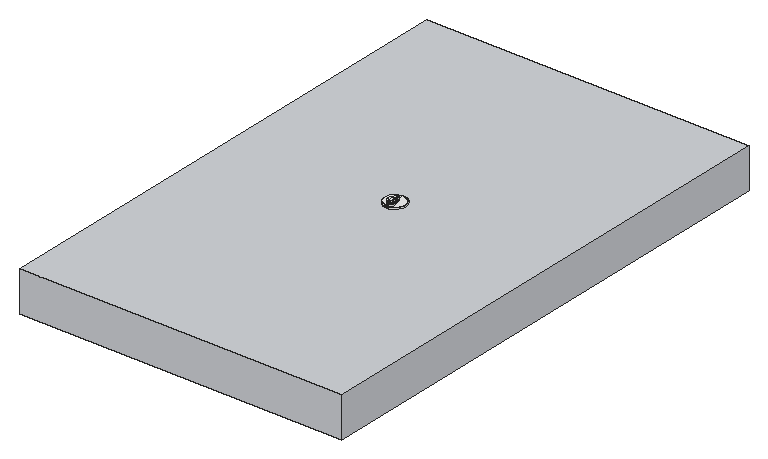
Revit family "xThermostatic_Trim-GROHE-GrohTherm_SmartControl-29136_Series", category Plumbing Fixtures, host Face, Revit 2014
Parameters (values of type "29136000")
  Width = 6 1/4"  # constant formula
  Waste Connection = no
  Warranty Documentation Link = "https://cdn.cloud.grohe.com/tpi/1000/1900/1940/1949/1949006/original/1949006.pdf"
  WFU = 4  # constant formula
  Vent Connection = no
  URL = "https://www.grohe.us/"
  Type Comments = ""
  Tempered Connection Radius = Tempered Connection Diameter / 2  # 1/4"
  Tempered Connection Diameter = Hot Water Connection Diameter  # 1/2"
  Product Page URL = "https://www.grohe.us/en_us/single-function-thermostatic-trim-with-control-module-29136000.html"
  Price = "Prices may vary. Please consult Manufacturer Representative for most up-to-date price list."  # constant formula
  Model = "29136000"
  Material = "Metal-Grohe-000-Chrome"
  Manufacturer = "Grohe"
  Length = 1 11/16"  # constant formula
  Installation Type = "Wall Mounted"
  Hot Water Connection Radius = Hot Water Connection Diameter / 2  # 1/4"
  Hot Water Connection Diameter = Cold Water Connection Diameter  # 1/2"
  Height = 40"
  HWFU = 3  # constant formula
  HW Connection = yes
  Finish = Metal-Grohe-000-Chrome
  Description = "GrohTherm® SmartControl Single Function Thermostatic Trim with Control Module"  # constant formula
  Default Elevation = 39"  # constant formula
  Creation Date = "01/04/2018"  # constant formula
  Cold Water Connection Radius = 1/4"  # constant formula
  Cold Water Connection Diameter = Cold Water Connection Radius * 2  # 1/2"
  CalGreen Compliant = yes
  CWFU = 3  # constant formula
  CW Connection = yes
  Assembly Code = "D2010710"
Types (2): name | Product Page URL | Model | Material | Finish
  29136000 | "https://www.grohe.us/en_us/single-function-thermostatic-trim-with-control-module-29136000.html" | "29136000" | "Metal-Grohe-000-Chrome" | Metal-Grohe-000-Chrome
  29136EN0 | "https://www.grohe.us/en_us/grohtherm-smartcontrol-single-function-thermostatic-trim-with-control-module-29136EN0.html" | "29136EN0" | "Metal-Grohe-EN0-Brushed Nickel" | Metal-Grohe-EN0-Brushed Nickel
Reference planes (in)
  plane 1 "Center (Front/Back)": y = 0
  plane 2: z = 0
  plane 3 "Center (Left/Right)": x = 0
  plane 4: z = 0.375
  plane 5: x = -1.25
  plane 6: x = 1.25
  plane 7: x = -0.15075
  plane 8: x = 0.15075
  plane 9: z = 1.6875
  plane 10: y = -3.125
  plane 11: y = 3.125
  plane 12: x = 3.125
  plane 13: x = -3.125
  plane 14: y = -0.55291
  plane 15: y = -2.48841
  plane 16: y = -1.52066
  plane 17: y = 1.25
  plane 18: y = 0.625
Forms (in)
  Extrusion 1, solid
    sketch origin (-0.5, 0.5, 0) x (1, 0, 0) y (0, 1, 0)
      loop
        line (-48, 72) -> (-48, -79.70833) -> (48, -79.70833) -> (48, 72) -> (-48, 72)
    from 0 to -12
  Extrusion 2, solid, material "Metal-Grohe-000-Chrome" <- "Finish"
    sketch origin (0, 0, 0) x (1, 0, 0) y (0, 1, 0)
      loop
        circle (-0.81362, 0) r 0.25
      loop
        circle (0.81362, 0) r 0.25
    from 0 to 0.0625
  Revolve 3, solid, material "Metal-Grohe-000-Chrome" <- "Finish"
    sketch origin (0, 0, 0) x (0, 1, 0) y (0, 0, 1)
      loop
        line (-2.48841, 1.54478) -> (-2.48841, 1.50481) -> (-1.52066, 1.50481) -> (-1.52066, 1.6875)
        arc (-1.52066, 1.6875) -> (-1.94638, 1.681) -> (-2.3717, 1.66149) r 13.93676
        line (-2.3717, 1.66149) -> (-2.48841, 1.54478)
      loop
        line (-1.52066, 0.8294) -> (-2.48841, 0.8294) -> (-2.48841, 0.73803) -> (-2.43034, 0.73803) -> (-2.43034, 0.70214) -> (-2.48841, 0.70214) -> (-2.48841, 0.28028) -> (-1.52066, 0.28028) -> (-1.52066, 0.8294)
      axis (-1.52066, 1.6875) -> (-1.52066, 0.28028)
    angle from 0 to 360
  Extrusion 4, solid, material "Metal-Grohe-000-Chrome" <- "Finish"
    sketch origin (0, 0, 0) x (1, 0, 0) y (0, 1, 0)
      loop
        arc (0, -0.55291) -> (-0.04361, -0.56153) -> (-0.08782, -0.55691) r 0.14911
        arc (-0.08782, -0.55691) -> (-0.13689, -0.56856) -> (-0.18726, -0.5712) r 0.27927
        arc (-0.18726, -0.5712) -> (-0.22838, -0.5881) -> (-0.27265, -0.59212) r 0.14911
        arc (-0.27265, -0.59212) -> (-0.31206, -0.61267) -> (-0.35578, -0.62069) r 0.14911
        arc (-0.35578, -0.62069) -> (-0.39317, -0.64473) -> (-0.43599, -0.65669) r 0.14911
        arc (-0.43599, -0.65669) -> (-0.47104, -0.68403) -> (-0.51259, -0.69982) r 0.14911
        arc (-0.51259, -0.69982) -> (-0.54502, -0.73022) -> (-0.58497, -0.74972) r 0.14911
        arc (-0.58497, -0.74972) -> (-0.6145, -0.78294) -> (-0.65251, -0.80599) r 0.14911
        arc (-0.65251, -0.80599) -> (-0.67891, -0.84175) -> (-0.71468, -0.86815) r 0.14911
        arc (-0.71468, -0.86815) -> (-0.73772, -0.90616) -> (-0.77094, -0.9357) r 0.14911
        arc (-0.77094, -0.9357) -> (-0.79044, -0.97565) -> (-0.82085, -1.00807) r 0.14911
        arc (-0.82085, -1.00807) -> (-0.83664, -1.04962) -> (-0.86397, -1.08468) r 0.14911
        arc (-0.86397, -1.08468) -> (-0.87593, -1.12749) -> (-0.89997, -1.16488) r 0.14911
        arc (-0.89997, -1.16488) -> (-0.908, -1.2086) -> (-0.92855, -1.24802) r 0.14911
        arc (-0.92855, -1.24802) -> (-0.93257, -1.29229) -> (-0.94946, -1.33341) r 0.14911
        arc (-0.94946, -1.33341) -> (-0.94944, -1.37786) -> (-0.96253, -1.42034) r 0.14911
        arc (-0.96253, -1.42034) -> (-0.95849, -1.46461) -> (-0.96767, -1.5081) r 0.14911
        arc (-0.96767, -1.5081) -> (-0.95962, -1.55182) -> (-0.96481, -1.59597) r 0.14911
        arc (-0.96481, -1.59597) -> (-0.95283, -1.63877) -> (-0.954, -1.68321) r 0.14911
        arc (-0.954, -1.68321) -> (-0.93818, -1.72475) -> (-0.93531, -1.76911) r 0.14911
        arc (-0.93531, -1.76911) -> (-0.91579, -1.80905) -> (-0.90891, -1.85296) r 0.14911
        arc (-0.90891, -1.85296) -> (-0.88584, -1.89096) -> (-0.875, -1.93407) r 0.14911
        arc (-0.875, -1.93407) -> (-0.84858, -1.96982) -> (-0.83388, -2.01177) r 0.14911
        arc (-0.83388, -2.01177) -> (-0.80432, -2.04498) -> (-0.78587, -2.08542) r 0.14911
        arc (-0.78587, -2.08542) -> (-0.75342, -2.1158) -> (-0.73138, -2.1544) r 0.14911
        arc (-0.73138, -2.1544) -> (-0.69631, -2.18172) -> (-0.67085, -2.21816) r 0.14911
        arc (-0.67085, -2.21816) -> (-0.63344, -2.24218) -> (-0.60478, -2.27616) r 0.14911
        arc (-0.60478, -2.27616) -> (-0.56535, -2.29669) -> (-0.53373, -2.32793) r 0.14911
        arc (-0.53373, -2.32793) -> (-0.4926, -2.34479) -> (-0.45827, -2.37303) r 0.14911
        arc (-0.45827, -2.37303) -> (-0.41578, -2.38609) -> (-0.37903, -2.4111) r 0.14911
        arc (-0.37903, -2.4111) -> (-0.33553, -2.42025) -> (-0.29666, -2.44182) r 0.14911
        arc (-0.29666, -2.44182) -> (-0.25251, -2.44699) -> (-0.21184, -2.46494) r 0.14911
        arc (-0.21184, -2.46494) -> (-0.16741, -2.46608) -> (-0.12528, -2.48027) r 0.14911
        arc (-0.12528, -2.48027) -> (-0.08092, -2.47737) -> (-0.03768, -2.48768) r 0.14911
        arc (-0.03768, -2.48768) -> (0.00623, -2.48077) -> (0.05023, -2.48711) r 0.14911
        arc (0.05023, -2.48711) -> (0.09333, -2.47624) -> (0.13772, -2.47856) r 0.14911
        arc (0.13772, -2.47856) -> (0.17966, -2.46383) -> (0.22408, -2.46211) r 0.14911
        arc (0.22408, -2.46211) -> (0.26451, -2.44363) -> (0.30859, -2.43789) r 0.14911
        arc (0.30859, -2.43789) -> (0.34718, -2.41582) -> (0.39056, -2.4061) r 0.14911
        arc (0.39056, -2.4061) -> (0.42698, -2.38062) -> (0.4693, -2.36701) r 0.14911
        arc (0.4693, -2.36701) -> (0.50326, -2.33833) -> (0.54416, -2.32093) r 0.14911
        arc (0.54416, -2.32093) -> (0.57538, -2.28928) -> (0.61454, -2.26825) r 0.14911
        arc (0.61454, -2.26825) -> (0.64276, -2.2339) -> (0.67985, -2.20939) r 0.14911
        arc (0.67985, -2.20939) -> (0.70483, -2.17263) -> (0.73954, -2.14486) r 0.14911
        arc (0.73954, -2.14486) -> (0.76108, -2.10597) -> (0.79313, -2.07517) r 0.14911
        arc (0.79313, -2.07517) -> (0.81106, -2.03449) -> (0.84018, -2.00091) r 0.14911
        arc (0.84018, -2.00091) -> (0.85434, -1.95877) -> (0.8803, -1.92268) r 0.14911
        arc (0.8803, -1.92268) -> (0.89057, -1.87943) -> (0.91315, -1.84114) r 0.14911
        arc (0.91315, -1.84114) -> (0.91946, -1.79714) -> (0.93846, -1.75695) r 0.14911
        arc (0.93846, -1.75695) -> (0.94075, -1.71256) -> (0.95603, -1.67081) r 0.14911
        arc (0.95603, -1.67081) -> (0.95428, -1.62639) -> (0.96571, -1.58344) r 0.14911
        arc (0.96571, -1.58344) -> (0.95994, -1.53936) -> (0.96742, -1.49554) r 0.14911
        arc (0.96742, -1.49554) -> (0.95768, -1.45217) -> (0.96115, -1.40785) r 0.14911
        arc (0.96115, -1.40785) -> (0.94751, -1.36554) -> (0.94695, -1.3211) r 0.14911
        arc (0.94695, -1.3211) -> (0.92952, -1.2802) -> (0.92493, -1.23599) r 0.14911
        arc (0.92493, -1.23599) -> (0.90387, -1.19684) -> (0.89528, -1.15323) r 0.14911
        arc (0.89528, -1.15323) -> (0.87075, -1.11615) -> (0.85824, -1.0735) r 0.14911
        arc (0.85824, -1.0735) -> (0.83045, -1.0388) -> (0.81412, -0.99746) r 0.14911
        arc (0.81412, -0.99746) -> (0.7833, -0.96543) -> (0.76328, -0.92574) r 0.14911
        arc (0.76328, -0.92574) -> (0.72968, -0.89664) -> (0.70615, -0.85893) r 0.14911
        arc (0.70615, -0.85893) -> (0.67004, -0.833) -> (0.64318, -0.79758) r 0.14911
        arc (0.64318, -0.79758) -> (0.60487, -0.77503) -> (0.57491, -0.74219) r 0.14911
        arc (0.57491, -0.74219) -> (0.53471, -0.72322) -> (0.50189, -0.69323) r 0.14911
        arc (0.50189, -0.69323) -> (0.46014, -0.67798) -> (0.42473, -0.6511) r 0.14911
        arc (0.42473, -0.6511) -> (0.38177, -0.6397) -> (0.34407, -0.61615) r 0.14911
        arc (0.34407, -0.61615) -> (0.30025, -0.60869) -> (0.26057, -0.58865) r 0.14911
        arc (0.26057, -0.58865) -> (0.21625, -0.58521) -> (0.17492, -0.56885) r 0.14911
        arc (0.17492, -0.56885) -> (0.13047, -0.56945) -> (0.08782, -0.55691) r 0.14911
        arc (0.08782, -0.55691) -> (0.04361, -0.56153) -> (0, -0.55291) r 0.14911
    from 0.8294 to 1.50481
  Revolve 5, solid, material "Metal-Grohe-000-Chrome" <- "Finish"
    sketch origin (0, -0.04688, 0) x (0, 1, 0) y (0, 0, 1)
      loop
        line (0, 1.06249) -> (0.625, 1.06249) -> (0.625, 1.20523)
        arc (0.625, 1.20523) -> (0.35784, 1.19594) -> (0.09198, 1.16813) r 3.84769
        line (0.09198, 1.16813) -> (0, 1.11503) -> (0, 1.06249)
      loop
        line (0, 0.28028) -> (0.625, 0.28028) -> (0.625, 0.52591) -> (0, 0.52591) -> (0, 0.28028)
      axis (0.625, 1.20523) -> (0.625, 0.28028)
    angle from 0 to 360
  Extrusion 6, solid, material "Metal-Grohe-000-Chrome" <- "Finish"
    sketch origin (0, -0.04688, 0) x (1, 0, 0) y (0, 1, 0)
      loop
        arc (0, 1.25) -> (-0.03551, 1.24132) -> (-0.07178, 1.24586) r 0.10083
        arc (-0.07178, 1.24586) -> (-0.1059, 1.23281) -> (-0.14243, 1.23356) r 0.09526
        arc (-0.14243, 1.23356) -> (-0.18245, 1.21423) -> (-0.2264, 1.20755) r 0.14911
        arc (-0.2264, 1.20755) -> (-0.26332, 1.1828) -> (-0.3059, 1.17003) r 0.14911
        arc (-0.3059, 1.17003) -> (-0.33898, 1.14033) -> (-0.37935, 1.12171) r 0.14911
        arc (-0.37935, 1.12171) -> (-0.40794, 1.08767) -> (-0.44529, 1.06357) r 0.14911
        arc (-0.44529, 1.06357) -> (-0.46882, 1.02586) -> (-0.50242, 0.99675) r 0.14911
        arc (-0.50242, 0.99675) -> (-0.52043, 0.95611) -> (-0.54961, 0.92259) r 0.14911
        arc (-0.54961, 0.92259) -> (-0.56173, 0.87982) -> (-0.58593, 0.84252) r 0.14911
        arc (-0.58593, 0.84252) -> (-0.59193, 0.79848) -> (-0.61065, 0.75816) r 0.14911
        arc (-0.61065, 0.75816) -> (-0.61042, 0.71371) -> (-0.62329, 0.67116) r 0.14911
        arc (-0.62329, 0.67116) -> (-0.61683, 0.62718) -> (-0.62361, 0.58325) r 0.14911
        arc (-0.62361, 0.58325) -> (-0.61103, 0.54062) -> (-0.61158, 0.49617) r 0.14911
        arc (-0.61158, 0.49617) -> (-0.59315, 0.45572) -> (-0.58746, 0.41163) r 0.14911
        arc (-0.58746, 0.41163) -> (-0.56353, 0.37417) -> (-0.5517, 0.33132) r 0.14911
        arc (-0.5517, 0.33132) -> (-0.52276, 0.29758) -> (-0.50504, 0.25681) r 0.14911
        arc (-0.50504, 0.25681) -> (-0.47165, 0.22747) -> (-0.44838, 0.18959) r 0.14911
        arc (-0.44838, 0.18959) -> (-0.4112, 0.16523) -> (-0.38286, 0.13099) r 0.14911
        arc (-0.38286, 0.13099) -> (-0.34263, 0.11208) -> (-0.30975, 0.08216) r 0.14911
        arc (-0.30975, 0.08216) -> (-0.26727, 0.06908) -> (-0.23053, 0.04406) r 0.14911
        arc (-0.23053, 0.04406) -> (-0.18663, 0.03708) -> (-0.14673, 0.01747) r 0.14911
        arc (-0.14673, 0.01747) -> (-0.10229, 0.01671) -> (-0.06004, 0.00289) r 0.14911
        arc (-0.06004, 0.00289) -> (-0.01593, 0.00838) -> (0.02784, 0.00062) r 0.14911
        arc (0.02784, 0.00062) -> (0.07075, 0.01224) -> (0.11517, 0.0107) r 0.14911
        arc (0.11517, 0.0107) -> (0.15602, 0.02823) -> (0.20023, 0.03294) r 0.14911
        arc (0.20023, 0.03294) -> (0.23821, 0.05603) -> (0.28132, 0.06689) r 0.14911
        arc (0.28132, 0.06689) -> (0.31569, 0.09508) -> (0.35684, 0.11188) r 0.14911
        arc (0.35684, 0.11188) -> (0.38692, 0.14461) -> (0.42531, 0.16702) r 0.14911
        arc (0.42531, 0.16702) -> (0.45049, 0.20365) -> (0.48536, 0.23123) r 0.14911
        arc (0.48536, 0.23123) -> (0.50516, 0.27103) -> (0.53581, 0.30323) r 0.14911
        arc (0.53581, 0.30323) -> (0.54983, 0.34541) -> (0.57565, 0.38159) r 0.14911
        arc (0.57565, 0.38159) -> (0.58362, 0.42532) -> (0.60412, 0.46477) r 0.14911
        arc (0.60412, 0.46477) -> (0.60586, 0.50918) -> (0.62062, 0.55112) r 0.14911
        arc (0.62062, 0.55112) -> (0.61612, 0.59534) -> (0.62485, 0.63892) r 0.14911
        arc (0.62485, 0.63892) -> (0.61418, 0.68208) -> (0.61671, 0.72646) r 0.14911
        arc (0.61671, 0.72646) -> (0.6001, 0.76769) -> (0.59638, 0.81199) r 0.14911
        arc (0.59638, 0.81199) -> (0.57414, 0.85048) -> (0.56424, 0.89381) r 0.14911
        arc (0.56424, 0.89381) -> (0.53682, 0.92881) -> (0.52094, 0.97032) r 0.14911
        arc (0.52094, 0.97032) -> (0.48889, 1.00112) -> (0.46733, 1.04) r 0.14911
        arc (0.46733, 1.04) -> (0.43128, 1.066) -> (0.40449, 1.10147) r 0.14911
        arc (0.40449, 1.10147) -> (0.36514, 1.12215) -> (0.33363, 1.1535) r 0.14911
        arc (0.33363, 1.1535) -> (0.29177, 1.16846) -> (0.25618, 1.19509) r 0.14911
        arc (0.25618, 1.19509) -> (0.21263, 1.20402) -> (0.17365, 1.22539) r 0.14911
        arc (0.17365, 1.22539) -> (0.12928, 1.22813) -> (0.08769, 1.24382) r 0.14911
        arc (0.08769, 1.24382) -> (0.04338, 1.2403) -> (0, 1.25) r 0.14911
    from 0.52591 to 1.06249
  Extrusion 7, solid, material "Paint-Grohe-Red"
    sketch origin (0, 0, 0) x (1, 0, 0) y (0, 1, 0)
      loop
        line (-0.24665, -0.46647) -> (-0.26135, -0.40363)
        arc (-0.26135, -0.40363) -> (-0.70105, -0.61259) -> (-1.0145, -0.98507) r 1.1472
        line (-1.0145, -0.98507) -> (-0.95743, -1.0152)
        arc (-0.95743, -1.0152) -> (-0.66161, -0.66367) -> (-0.24665, -0.46647) r 1.08267
    from 0 to 0.38164
  Extrusion 8, solid, material "Paint-Grohe-Blue"
    sketch origin (0, 0, 0) x (-1, 0, 0) y (0, -1, 0)
      loop
        arc (-0.24665, 0.46647) -> (-0.66161, 0.66367) -> (-0.95743, 1.0152) r 1.08267
        line (-0.95743, 1.0152) -> (-1.0145, 0.98507)
        arc (-1.0145, 0.98507) -> (-0.70105, 0.61259) -> (-0.26135, 0.40363) r 1.1472
        line (-0.26135, 0.40363) -> (-0.24665, 0.46647)
    from 0 to 0.38164
  Extrusion 9, solid, material "Metal-Grohe-000-Chrome" <- "Finish"
    sketch origin (0, 0, 0) x (1, 0, 0) y (0, 0, 1)
      loop
        circle (0, 1.16813) r 0.30299
    from 0.25425 to 1.62542
  Extrusion 10, void
    sketch origin (0, 0, 0) x (1, 0, 0) y (0, 1, 0)
      loop
        line (0.35253, -0.58486) -> (0.35253, -0.17759) -> (-0.35958, -0.17759) -> (-0.35958, -0.58755)
        arc (-0.35958, -0.58755) -> (-0.00377, -0.52067) -> (0.35253, -0.58486) r 1
    from 0.73803 to 1.50481
  Revolve 11, solid, material "Metal-Grohe-000-Chrome" <- "Finish"
    sketch origin (0, 0, 0) x (0, 1, 0) y (0, 0, 1)
      loop
        line (0, 0) -> (3.125, 0) -> (3.125, 0.28028) -> (3.03028, 0.375) -> (0, 0.375) -> (0, 0)
      axis (0, 0.375) -> (0, 0)
    angle from 0 to 360
Cuts and joins
  Extrusion 10 cuts Extrusion 2
  Extrusion 10 cuts Extrusion 4
  Extrusion 10 cuts Extrusion 9
  joined: Extrusion 2, Extrusion 4, Extrusion 9, Revolve 11
  joined: Revolve 3, Revolve 5, Extrusion 6
  Extrusion 10 cuts Extrusion 7
  Extrusion 10 cuts Extrusion 8
Lines and regions (in)
  Masking region 1
    outline origin (0, 0, 0) x (1, 0, 0) y (0, 0, 1)
      loop
        line (3.125, 0) -> (3.125, 0.28028) -> (3.03028, 0.375) -> (0.9678, 0.375) -> (0.9678, 0.70214) -> (0.90968, 0.70214) -> (0.90968, 0.73803) -> (0.9678, 0.73803) -> (0.9678, 1.54473) -> (0.85103, 1.66149)
        arc (0.85103, 1.66149) -> (0, 1.68773) -> (-0.85103, 1.66149) r 13.81654
        line (-0.85103, 1.66149) -> (-0.9678, 1.54473) -> (-0.9678, 0.73803) -> (-0.90968, 0.73803) -> (-0.90968, 0.70214) -> (-0.9678, 0.70214) -> (-0.9678, 0.375) -> (-3.03028, 0.375) -> (-3.125, 0.28028) -> (-3.125, 0) -> (3.125, 0)
  symbolic lines, detail levels medium+fine
    curve 1: line (0.9678, 0, 0.375) -> (0.625, 0, 0.375)
    curve 2: line (0.625, 0, 0.375) -> (0.625, 0, 1.11503)
    curve 3: line (0.625, 0, 1.11503) -> (0.53302, 0, 1.16813)
    curve 4: arc (0.53302, 0, 1.16813) -> (0, 0, 1.20714) -> (-0.53302, 0, 1.16813) r 3.66067
    curve 5: line (-0.9678, 0, 0.375) -> (-0.625, 0, 0.375)
    curve 6: line (-0.625, 0, 0.375) -> (-0.625, 0, 1.11503)
    curve 7: line (-0.625, 0, 1.11503) -> (-0.53302, 0, 1.16813)
  symbolic lines, detail levels fine
    curve 8: line (0.85103, 0, 1.66149) -> (-0.85103, 0, 1.66149)
    curve 9: line (0.9678, 0, 1.54473) -> (-0.9678, 0, 1.54473)
    curve 10: line (0.9678, 0, 1.50481) -> (-0.9678, 0, 1.50481)
    curve 11: line (0.90968, 0, 0.73803) -> (0.625, 0, 0.73803)
    curve 12: line (0.90968, 0, 0.70214) -> (0.625, 0, 0.70214)
    curve 13: line (0.625, 0, 0.375) -> (-0.625, 0, 0.375)
    curve 14: line (0.625, 0, 0.52591) -> (-0.625, 0, 0.52591)
    curve 15: line (0.625, 0, 1.06249) -> (-0.625, 0, 1.06249)
    curve 16: line (0.625, 0, 1.11503) -> (-0.625, 0, 1.11503)
    curve 17: line (0.53302, 0, 1.16813) -> (-0.53302, 0, 1.16813)
    curve 18: line (3.125, 0, 0.28028) -> (-3.125, 0, 0.28028)
    curve 19: line (-0.90992, 0, 0.73803) -> (-0.625, 0, 0.73803)
    curve 20: line (-0.90992, 0, 0.70214) -> (-0.625, 0, 0.70214)
    curve 21: line (-0.96767, 0, 0.8294) -> (-0.625, 0, 0.8294)
    curve 22: line (0.9678, 0, 0.8294) -> (0.625, 0, 0.8294)
    curve 23: line (-0.954, 0, 0.8294) -> (-0.954, 0, 1.50481)
    curve 24: line (-0.54685, 0, 0.52591) -> (-0.54685, 0, 1.06249)
    curve 25: line (-0.4687, 0, 0.52591) -> (-0.4687, 0, 1.06249)
    curve 26: line (-0.39055, 0, 0.52591) -> (-0.39055, 0, 1.06249)
    curve 27: line (-0.3124, 0, 0.52591) -> (-0.3124, 0, 1.06249)
    curve 28: line (-0.23425, 0, 0.52591) -> (-0.23425, 0, 1.06249)
    curve 29: line (-0.1561, 0, 0.52591) -> (-0.1561, 0, 1.06249)
    curve 30: line (-0.07795, 0, 0.52591) -> (-0.07795, 0, 1.06249)
    curve 31: line (0.0002, 0, 0.52591) -> (0.0002, 0, 1.06249)
    curve 32: line (0.07834, 0, 0.52591) -> (0.07834, 0, 1.06249)
    curve 33: line (0.15649, 0, 0.52591) -> (0.15649, 0, 1.06249)
    curve 34: line (0.23464, 0, 0.52591) -> (0.23464, 0, 1.06249)
    curve 35: line (0.31279, 0, 0.52591) -> (0.31279, 0, 1.06249)
    curve 36: line (0.39094, 0, 0.52591) -> (0.39094, 0, 1.06249)
    curve 37: line (0.46909, 0, 0.52591) -> (0.46909, 0, 1.06249)
    curve 38: line (0.54724, 0, 0.52591) -> (0.54724, 0, 1.06249)
    curve 39: line (0.62539, 0, 0.52591) -> (0.62539, 0, 1.06249)
    curve 40: line (-0.87585, 0, 0.8294) -> (-0.87585, 0, 1.50481)
    curve 41: line (-0.7977, 0, 0.8294) -> (-0.7977, 0, 1.50481)
    curve 42: line (-0.71955, 0, 0.8294) -> (-0.71955, 0, 1.50481)
    curve 43: line (-0.6414, 0, 0.8294) -> (-0.6414, 0, 1.50481)
    curve 44: line (-0.56325, 0, 1.15067) -> (-0.56325, 0, 1.50481)
    curve 45: line (-0.4851, 0, 1.17486) -> (-0.4851, 0, 1.50481)
    curve 46: line (-0.40695, 0, 1.18445) -> (-0.40695, 0, 1.50481)
    curve 47: line (-0.32881, 0, 1.19235) -> (-0.32881, 0, 1.50481)
    curve 48: line (0.37454, 0, 1.18793) -> (0.37454, 0, 1.50481)
    curve 49: line (0.45269, 0, 1.17905) -> (0.45269, 0, 1.50481)
    curve 50: line (0.53084, 0, 1.16866) -> (0.53084, 0, 1.50481)
    curve 51: line (0.60899, 0, 1.12427) -> (0.60899, 0, 1.50481)
    curve 52: line (0.68714, 0, 0.8294) -> (0.68714, 0, 1.50481)
    curve 53: line (0.76529, 0, 0.8294) -> (0.76529, 0, 1.50481)
    curve 54: line (0.84344, 0, 0.8294) -> (0.84344, 0, 1.50481)
    curve 55: line (0.92159, 0, 0.8294) -> (0.92159, 0, 1.50481)
    curve 56: arc (0.30182, 0, 1.19468) -> (0, 0, 1.47112) -> (-0.30182, 0, 1.19468) r 0.30299
    curve 57: line (0.29639, 0, 1.23101) -> (0.29639, 0, 1.50481)
    curve 58: line (0.21824, 0, 1.3783) -> (0.21824, 0, 1.50481)
    curve 59: line (0.14009, 0, 1.43678) -> (0.14009, 0, 1.50481)
    curve 60: line (0.06194, 0, 1.46472) -> (0.06194, 0, 1.50481)
    curve 61: line (-0.01621, 0, 1.47068) -> (-0.01621, 0, 1.50481)
    curve 62: line (-0.09436, 0, 1.45605) -> (-0.09436, 0, 1.50481)
    curve 63: line (-0.17251, 0, 1.41721) -> (-0.17251, 0, 1.50481)
    curve 64: line (-0.25066, 0, 1.33834) -> (-0.25066, 0, 1.50481)
Dimensions and locks (in)
  locked: plane 4 to level at 0.375
  "Length": plane 9 to level
  equal spacing: plane 13, plane 3 "Center (Left/Right)", plane 12
  "Width": plane 13 to plane 12
  equal spacing: plane 11, plane 1 "Center (Front/Back)", plane 10
  "Width": plane 11 to plane 10
  equal spacing: plane 14, plane 16, plane 15
  plane 14 to plane 15 = 1.9355"
  plane 1 "Center (Front/Back)" to plane 16 = 1.52066"
  equal spacing: plane 17, plane 18, plane 1 "Center (Front/Back)"
  plane 17 to plane 1 "Center (Front/Back)" = 1 1/4"
  plane 18 to plane 1 "Center (Front/Back)" = 5/8"
  "Hot Water Connection Diameter": diameter of Extrusion 2 sketch curve
  "Cold Water Connection Diameter": diameter of Extrusion 2 sketch curve
  aligned and locked: plane 2 to Extrusion 1
  aligned and locked: level to Extrusion 1
  aligned and locked: Masking region 1 to curve 10
Automatic sketch dimensions
  Extrusion 1 sketch curve to Extrusion 1 sketch curve = 96"
  Extrusion 1 sketch curve to Extrusion 1 sketch curve = 151.70833"
  plane 1 "Center (Front/Back)" to Extrusion 2 sketch curve = 0"  (x2)
  Extrusion 2 sketch curve to plane 5 = 0.43638"
  Extrusion 2 sketch curve to plane 6 = 0.43638"
  Extrusion 4 sketch curve to plane 3 "Center (Left/Right)" = 0"
  Extrusion 4 sketch curve to plane 14 = 0"
  Extrusion 4 sketch curve to plane 3 "Center (Left/Right)" = 0.05038"
  Extrusion 4 sketch curve to plane 7 = 0.05726"
  plane 7 to Extrusion 4 sketch curve = 0.02588"
  plane 7 to Extrusion 4 sketch curve = 0.04265"
  plane 7 to Extrusion 4 sketch curve = 0.11309"
  Extrusion 4 sketch curve to Extrusion 4 sketch curve = 0.09832"
  Extrusion 4 sketch curve to Extrusion 4 sketch curve = 0.09668"  (x2)
  Extrusion 4 sketch curve to plane 15 = 0.07155"
  Extrusion 4 sketch curve to Extrusion 4 sketch curve = 0.09591"
  Extrusion 4 sketch curve to Extrusion 4 sketch curve = 0.09371"  (x2)
  Extrusion 4 sketch curve to Extrusion 4 sketch curve = 0.09271"
  Extrusion 4 sketch curve to plane 14 = 0.00118"
  Extrusion 4 sketch curve to Extrusion 4 sketch curve = 0.08996"  (x2)
  plane 15 to Extrusion 4 sketch curve = 1/64"
  Extrusion 4 sketch curve to Extrusion 4 sketch curve = 0.08875"
  Extrusion 4 sketch curve to Extrusion 4 sketch curve = 0.08547"  (x2)
  Extrusion 4 sketch curve to Extrusion 4 sketch curve = 0.08405"
  Extrusion 4 sketch curve to Extrusion 4 sketch curve = 0.08027"  (x2)
  Extrusion 4 sketch curve to Extrusion 4 sketch curve = 0.07866"
  Extrusion 4 sketch curve to Extrusion 4 sketch curve = 0.07441"  (x2)
  Extrusion 4 sketch curve to Extrusion 4 sketch curve = 0.07262"
  Extrusion 4 sketch curve to Extrusion 4 sketch curve = 0.06794"  (x2)
  Extrusion 4 sketch curve to Extrusion 4 sketch curve = 0.06599"
  Extrusion 4 sketch curve to Extrusion 4 sketch curve = 0.06091"
  Extrusion 4 sketch curve to Extrusion 4 sketch curve = 0.0588"
  Extrusion 4 sketch curve to Extrusion 4 sketch curve = 0.05337"
  Extrusion 4 sketch curve to Extrusion 4 sketch curve = 0.05114"
  Extrusion 4 sketch curve to Extrusion 4 sketch curve = 0.0454"
  Extrusion 4 sketch curve to Extrusion 4 sketch curve = 0.04305"
  Extrusion 4 sketch curve to Extrusion 4 sketch curve = 0.03705"
  Extrusion 4 sketch curve to Extrusion 4 sketch curve = 0.0346"
  Extrusion 4 sketch curve to Extrusion 4 sketch curve = 0.02839"  (x2)
  Extrusion 4 sketch curve to Extrusion 4 sketch curve = 0.02587"
  Extrusion 4 sketch curve to Extrusion 4 sketch curve = 0.0195"
  Extrusion 4 sketch curve to Extrusion 4 sketch curve = 0.01692"
  Extrusion 4 sketch curve to plane 16 = 0.06476"
  Extrusion 4 sketch curve to Extrusion 4 sketch curve = 0.01045"
  plane 16 to Extrusion 4 sketch curve = 0.03599"
  Extrusion 4 sketch curve to Extrusion 4 sketch curve = 0.00131"
  plane 3 "Center (Left/Right)" to Extrusion 4 sketch curve = 0.0072"
  plane 3 "Center (Left/Right)" to Extrusion 4 sketch curve = 0.05038"
  Extrusion 4 sketch curve to plane 8 = 0.04292"
  Extrusion 4 sketch curve to plane 8 = 0.00002"
  plane 8 to Extrusion 4 sketch curve = 0.05682"
  plane 8 to Extrusion 4 sketch curve = 0.09908"
  Extrusion 4 sketch curve to Extrusion 4 sketch curve = 0.09803"
  Extrusion 4 sketch curve to Extrusion 4 sketch curve = 0.09704"
  Extrusion 4 sketch curve to plane 15 = 0.06643"
  Extrusion 4 sketch curve to Extrusion 4 sketch curve = 0.0955"
  Extrusion 4 sketch curve to Extrusion 4 sketch curve = 0.09418"
  Extrusion 4 sketch curve to Extrusion 4 sketch curve = 0.09219"
  plane 14 to Extrusion 4 sketch curve = 0.0058"
  Extrusion 4 sketch curve to Extrusion 4 sketch curve = 0.09054"
  plane 15 to Extrusion 4 sketch curve = 0.0231"
  Extrusion 4 sketch curve to Extrusion 4 sketch curve = 0.08812"
  Extrusion 4 sketch curve to Extrusion 4 sketch curve = 0.08615"
  Extrusion 4 sketch curve to Extrusion 4 sketch curve = 0.08333"
  Extrusion 4 sketch curve to Extrusion 4 sketch curve = 0.08106"
  Extrusion 4 sketch curve to Extrusion 4 sketch curve = 0.07784"
  Extrusion 4 sketch curve to Extrusion 4 sketch curve = 0.07529"
  Extrusion 4 sketch curve to Extrusion 4 sketch curve = 0.07171"
  Extrusion 4 sketch curve to Extrusion 4 sketch curve = 0.0689"
  Extrusion 4 sketch curve to Extrusion 4 sketch curve = 0.06499"
  Extrusion 4 sketch curve to Extrusion 4 sketch curve = 0.06194"
  Extrusion 4 sketch curve to Extrusion 4 sketch curve = 0.05774"
  Extrusion 4 sketch curve to Extrusion 4 sketch curve = 0.05448"
  Extrusion 4 sketch curve to Extrusion 4 sketch curve = 0.05"
  Extrusion 4 sketch curve to Extrusion 4 sketch curve = 0.04656"
  Extrusion 4 sketch curve to Extrusion 4 sketch curve = 0.04186"
  Extrusion 4 sketch curve to Extrusion 4 sketch curve = 0.03826"
  Extrusion 4 sketch curve to Extrusion 4 sketch curve = 0.03337"
  Extrusion 4 sketch curve to Extrusion 4 sketch curve = 0.02964"
  Extrusion 4 sketch curve to Extrusion 4 sketch curve = 0.0246"
  Extrusion 4 sketch curve to Extrusion 4 sketch curve = 0.02078"
  Extrusion 4 sketch curve to Extrusion 4 sketch curve = 1/64"
  Extrusion 4 sketch curve to plane 16 = 0.07913"
  Extrusion 4 sketch curve to Extrusion 4 sketch curve = 0.01175"
  plane 16 to Extrusion 4 sketch curve = 0.0216"
  Extrusion 4 sketch curve to Extrusion 4 sketch curve = 0.00654"
  Extrusion 4 sketch curve to plane 15 = 0.09856"
  Extrusion 4 sketch curve to Extrusion 4 sketch curve = 0.03089"
  Extrusion 4 sketch curve to Extrusion 4 sketch curve = 0.02333"
  Extrusion 4 sketch curve to Extrusion 4 sketch curve = 0.02206"
  Extrusion 4 sketch curve to Extrusion 4 sketch curve = 0.01434"
  Extrusion 4 sketch curve to Extrusion 4 sketch curve = 0.01304"
  Extrusion 4 sketch curve to Extrusion 4 sketch curve = 0.00523"
  Extrusion 4 sketch curve to plane 15 = 0.03208"
  Extrusion 4 sketch curve to plane 15 = 0.02576"
  plane 15 to Extrusion 4 sketch curve = 0.07121"
  plane 15 to Extrusion 4 sketch curve = 0.07976"
  Extrusion 4 sketch curve to Extrusion 4 sketch curve = 0.06297"
  Extrusion 4 sketch curve to Extrusion 4 sketch curve = 0.06399"
  Extrusion 4 sketch curve to Extrusion 4 sketch curve = 0.06985"
  Extrusion 4 sketch curve to Extrusion 4 sketch curve = 0.07079"
  Extrusion 4 sketch curve to Extrusion 4 sketch curve = 0.07615"
  Extrusion 4 sketch curve to Extrusion 4 sketch curve = 0.077"
  Extrusion 4 sketch curve to Extrusion 4 sketch curve = 0.08183"
  Extrusion 4 sketch curve to Extrusion 4 sketch curve = 0.08258"
  Extrusion 4 sketch curve to Extrusion 4 sketch curve = 0.08682"
  Extrusion 4 sketch curve to Extrusion 4 sketch curve = 0.08748"
  Extrusion 4 sketch curve to Extrusion 4 sketch curve = 0.09111"
  Extrusion 4 sketch curve to Extrusion 4 sketch curve = 0.09166"
  Extrusion 4 sketch curve to Extrusion 4 sketch curve = 0.09464"
  Extrusion 4 sketch curve to Extrusion 4 sketch curve = 0.09508"
  Extrusion 4 sketch curve to Extrusion 4 sketch curve = 0.09739"
  Extrusion 4 sketch curve to Extrusion 4 sketch curve = 0.09771"
  Extrusion 4 sketch curve to Extrusion 4 sketch curve = 0.09933"
  Extrusion 4 sketch curve to Extrusion 4 sketch curve = 0.10055"
  Extrusion 4 sketch curve to Extrusion 4 sketch curve = 0.10022"
  Extrusion 4 sketch curve to Extrusion 4 sketch curve = 0.10008"
  Extrusion 4 sketch curve to Extrusion 4 sketch curve = 0.09886"
  Extrusion 4 sketch curve to Extrusion 4 sketch curve = 0.0986"
  Extrusion 4 sketch curve to Extrusion 4 sketch curve = 0.09631"
  Extrusion 4 sketch curve to Extrusion 4 sketch curve = 0.09322"
  Extrusion 4 sketch curve to Extrusion 4 sketch curve = 0.08936"
  Extrusion 4 sketch curve to Extrusion 4 sketch curve = 0.08477"
  Extrusion 4 sketch curve to Extrusion 4 sketch curve = 0.07947"
  Extrusion 4 sketch curve to Extrusion 4 sketch curve = 0.07353"
  Extrusion 4 sketch curve to Extrusion 4 sketch curve = 0.06697"
  Extrusion 4 sketch curve to plane 14 = 0.05455"
  Extrusion 4 sketch curve to plane 14 = 0.04646"
  plane 14 to Extrusion 4 sketch curve = 0.04421"
  plane 14 to Extrusion 4 sketch curve = 0.05003"
  plane 14 to Extrusion 4 sketch curve = 0.08126"
  plane 14 to Extrusion 4 sketch curve = 0.08585"
  Extrusion 4 sketch curve to Extrusion 4 sketch curve = 0.02713"
  Extrusion 4 sketch curve to Extrusion 4 sketch curve = 0.01821"
  Extrusion 4 sketch curve to Extrusion 4 sketch curve = 0.00914"
  Extrusion 4 sketch curve to Extrusion 4 sketch curve = 0"
  Extrusion 4 sketch curve to Extrusion 4 sketch curve = 0.15113"
  plane 15 to Extrusion 4 sketch curve = 0.00073"
  Extrusion 4 sketch curve to plane 3 "Center (Left/Right)" = 0.03768"
  Extrusion 4 sketch curve to plane 14 = 0.00399"  (x2)
  plane 15 to Extrusion 4 sketch curve = 0.00814"
  Extrusion 4 sketch curve to plane 14 = 0.01829"
  plane 15 to Extrusion 4 sketch curve = 0.02347"
  Extrusion 4 sketch curve to plane 14 = 0.0392"
  plane 15 to Extrusion 4 sketch curve = 0.04659"
  Extrusion 4 sketch curve to plane 14 = 0.06777"
  plane 15 to Extrusion 4 sketch curve = 0.07731"
  Extrusion 4 sketch curve to Extrusion 4 sketch curve = 0.0802"
  Extrusion 4 sketch curve to Extrusion 4 sketch curve = 0.07924"
  Extrusion 4 sketch curve to Extrusion 4 sketch curve = 0.0766"
  Extrusion 4 sketch curve to Extrusion 4 sketch curve = 0.07546"
  Extrusion 4 sketch curve to Extrusion 4 sketch curve = 0.07237"
  Extrusion 4 sketch curve to Extrusion 4 sketch curve = 0.07105"
  Extrusion 4 sketch curve to Extrusion 4 sketch curve = 0.06755"
  Extrusion 4 sketch curve to Extrusion 4 sketch curve = 0.06606"
  Extrusion 4 sketch curve to Extrusion 4 sketch curve = 0.06216"
  Extrusion 4 sketch curve to Extrusion 4 sketch curve = 0.06053"
  Extrusion 4 sketch curve to Extrusion 4 sketch curve = 0.05627"
  Extrusion 4 sketch curve to Extrusion 4 sketch curve = 0.05449"
  Extrusion 4 sketch curve to Extrusion 4 sketch curve = 0.0499"
  Extrusion 4 sketch curve to Extrusion 4 sketch curve = 0.04801"
  Extrusion 4 sketch curve to Extrusion 4 sketch curve = 0.04313"
  Extrusion 4 sketch curve to Extrusion 4 sketch curve = 0.04113"
  Extrusion 4 sketch curve to Extrusion 4 sketch curve = 0.036"
  Extrusion 4 sketch curve to Extrusion 4 sketch curve = 0.03391"
  Extrusion 4 sketch curve to Extrusion 4 sketch curve = 0.02857"
  Extrusion 4 sketch curve to Extrusion 4 sketch curve = 0.02641"
  Extrusion 4 sketch curve to Extrusion 4 sketch curve = 0.02091"
  Extrusion 4 sketch curve to Extrusion 4 sketch curve = 0.01869"
  Extrusion 4 sketch curve to Extrusion 4 sketch curve = 0.01308"
  plane 16 to Extrusion 4 sketch curve = 0.0753"
  plane 15 to Extrusion 4 sketch curve = 0.0013"
  plane 15 to Extrusion 4 sketch curve = 0.00985"
  Extrusion 4 sketch curve to plane 14 = 0.01594"
  plane 15 to Extrusion 4 sketch curve = 0.0263"
  Extrusion 4 sketch curve to plane 14 = 0.03574"
  plane 15 to Extrusion 4 sketch curve = 0.05052"
  Extrusion 4 sketch curve to plane 14 = 0.06323"
  plane 15 to Extrusion 4 sketch curve = 0.08231"
  Extrusion 4 sketch curve to Extrusion 4 sketch curve = 0.08066"
  Extrusion 4 sketch curve to Extrusion 4 sketch curve = 0.07874"
  Extrusion 4 sketch curve to Extrusion 4 sketch curve = 0.07716"
  Extrusion 4 sketch curve to Extrusion 4 sketch curve = 0.07487"
  Extrusion 4 sketch curve to Extrusion 4 sketch curve = 0.07302"
  Extrusion 4 sketch curve to Extrusion 4 sketch curve = 0.07038"
  Extrusion 4 sketch curve to Extrusion 4 sketch curve = 0.06827"
  Extrusion 4 sketch curve to Extrusion 4 sketch curve = 0.06531"
  Extrusion 4 sketch curve to Extrusion 4 sketch curve = 0.06296"
  Extrusion 4 sketch curve to Extrusion 4 sketch curve = 0.0597"
  Extrusion 4 sketch curve to Extrusion 4 sketch curve = 0.05714"
  Extrusion 4 sketch curve to Extrusion 4 sketch curve = 0.05359"
  Extrusion 4 sketch curve to Extrusion 4 sketch curve = 0.05084"
  Extrusion 4 sketch curve to Extrusion 4 sketch curve = 0.04705"
  Extrusion 4 sketch curve to Extrusion 4 sketch curve = 0.04412"
  Extrusion 4 sketch curve to Extrusion 4 sketch curve = 0.04011"
  Extrusion 4 sketch curve to Extrusion 4 sketch curve = 0.03704"
  Extrusion 4 sketch curve to Extrusion 4 sketch curve = 0.03285"
  Extrusion 4 sketch curve to Extrusion 4 sketch curve = 0.02965"
  Extrusion 4 sketch curve to Extrusion 4 sketch curve = 0.02531"
  Extrusion 4 sketch curve to Extrusion 4 sketch curve = 0.02202"
  Extrusion 4 sketch curve to Extrusion 4 sketch curve = 0.01757"
  Extrusion 4 sketch curve to Extrusion 4 sketch curve = 0.0142"
  plane 16 to Extrusion 4 sketch curve = 0.06277"
  Extrusion 6 sketch curve to plane 3 "Center (Left/Right)" = 0"
  Extrusion 6 sketch curve to plane 17 = 3/64"
  Extrusion 6 sketch curve to plane 3 "Center (Left/Right)" = 0.01977"
  Extrusion 6 sketch curve to plane 3 "Center (Left/Right)" = 0.04131"
  Extrusion 6 sketch curve to plane 7 = 0.02851"
  Extrusion 6 sketch curve to plane 7 = 0.02373"
  plane 7 to Extrusion 6 sketch curve = 0.07582"
  plane 7 to Extrusion 6 sketch curve = 0.08098"
  Extrusion 6 sketch curve to Extrusion 6 sketch curve = 0.1004"
  plane 1 "Center (Front/Back)" to Extrusion 6 sketch curve = 0.11217"
  Extrusion 6 sketch curve to Extrusion 6 sketch curve = 0.10015"
  Extrusion 6 sketch curve to plane 17 = 0.03197"
  Extrusion 6 sketch curve to Extrusion 6 sketch curve = 0.09396"
  plane 1 "Center (Front/Back)" to Extrusion 6 sketch curve = 0.05879"
  Extrusion 6 sketch curve to Extrusion 6 sketch curve = 0.09356"
  Extrusion 6 sketch curve to Extrusion 6 sketch curve = 0.08561"
  Extrusion 6 sketch curve to Extrusion 6 sketch curve = 0.08517"
  Extrusion 6 sketch curve to Extrusion 6 sketch curve = 0.07561"
  Extrusion 6 sketch curve to Extrusion 6 sketch curve = 0.07504"
  Extrusion 6 sketch curve to Extrusion 6 sketch curve = 0.06407"
  Extrusion 6 sketch curve to Extrusion 6 sketch curve = 0.06348"
  Extrusion 6 sketch curve to Extrusion 6 sketch curve = 0.0513"
  Extrusion 6 sketch curve to Extrusion 6 sketch curve = 0.05062"
  Extrusion 6 sketch curve to Extrusion 6 sketch curve = 0.03749"
  Extrusion 6 sketch curve to Extrusion 6 sketch curve = 0.03679"
  Extrusion 6 sketch curve to Extrusion 6 sketch curve = 0.02296"
  Extrusion 6 sketch curve to Extrusion 6 sketch curve = 0.0222"
  plane 18 to Extrusion 6 sketch curve = 0.04415"
  Extrusion 6 sketch curve to Extrusion 6 sketch curve = 0.00796"
  plane 3 "Center (Left/Right)" to Extrusion 6 sketch curve = 0.05386"
  Extrusion 6 sketch curve to plane 8 = 0.06291"
  plane 8 to Extrusion 6 sketch curve = 0.00979"
  plane 8 to Extrusion 6 sketch curve = 0.043"
  Extrusion 6 sketch curve to Extrusion 6 sketch curve = 0.10348"
  Extrusion 6 sketch curve to Extrusion 6 sketch curve = 0.10204"
  Extrusion 6 sketch curve to Extrusion 6 sketch curve = 0.09828"
  Extrusion 6 sketch curve to Extrusion 6 sketch curve = 0.09622"
  Extrusion 6 sketch curve to plane 17 = 0.05455"
  Extrusion 6 sketch curve to Extrusion 6 sketch curve = 0.09109"
  plane 1 "Center (Front/Back)" to Extrusion 6 sketch curve = 0.01839"
  Extrusion 6 sketch curve to Extrusion 6 sketch curve = 0.08844"
  Extrusion 6 sketch curve to Extrusion 6 sketch curve = 0.08214"
  Extrusion 6 sketch curve to Extrusion 6 sketch curve = 0.07896"
  Extrusion 6 sketch curve to Extrusion 6 sketch curve = 0.07152"
  Extrusion 6 sketch curve to Extrusion 6 sketch curve = 0.06787"
  Extrusion 6 sketch curve to Extrusion 6 sketch curve = 0.05953"
  Extrusion 6 sketch curve to Extrusion 6 sketch curve = 0.05547"
  Extrusion 6 sketch curve to Extrusion 6 sketch curve = 0.04633"
  Extrusion 6 sketch curve to Extrusion 6 sketch curve = 0.04195"
  Extrusion 6 sketch curve to Extrusion 6 sketch curve = 0.03224"
  Extrusion 6 sketch curve to Extrusion 6 sketch curve = 0.02762"
  Extrusion 6 sketch curve to plane 18 = 0.02401"
  Extrusion 6 sketch curve to Extrusion 6 sketch curve = 0.01749"
  plane 18 to Extrusion 6 sketch curve = 0.08371"
  Extrusion 6 sketch curve to Extrusion 6 sketch curve = 0.01273"
  plane 1 "Center (Front/Back)" to Extrusion 6 sketch curve = 0.12839"
  plane 1 "Center (Front/Back)" to Extrusion 6 sketch curve = 0.15192"
  Extrusion 6 sketch curve to Extrusion 6 sketch curve = 0.03451"
  Extrusion 6 sketch curve to Extrusion 6 sketch curve = 0.02529"
  Extrusion 6 sketch curve to Extrusion 6 sketch curve = 0.01986"
  Extrusion 6 sketch curve to Extrusion 6 sketch curve = 0.0048"
  plane 1 "Center (Front/Back)" to Extrusion 6 sketch curve = 0.07989"
  Extrusion 6 sketch curve to plane 1 "Center (Front/Back)" = 0.00722"
  Extrusion 6 sketch curve to plane 1 "Center (Front/Back)" = 0.05493"
  Extrusion 6 sketch curve to Extrusion 6 sketch curve = 0.07728"
  Extrusion 6 sketch curve to Extrusion 6 sketch curve = 0.08365"
  Extrusion 6 sketch curve to Extrusion 6 sketch curve = 0.08707"
  Extrusion 6 sketch curve to Extrusion 6 sketch curve = 0.09237"
  Extrusion 6 sketch curve to Extrusion 6 sketch curve = 0.09509"
  Extrusion 6 sketch curve to Extrusion 6 sketch curve = 0.09921"
  Extrusion 6 sketch curve to Extrusion 6 sketch curve = 0.10128"
  Extrusion 6 sketch curve to Extrusion 6 sketch curve = 0.10696"
  plane 18 to Extrusion 6 sketch curve = 0.15166"
  Extrusion 6 sketch curve to Extrusion 6 sketch curve = 0.10742"
  Extrusion 6 sketch curve to Extrusion 6 sketch curve = 0.10629"
  Extrusion 6 sketch curve to Extrusion 6 sketch curve = 0.10528"
  Extrusion 6 sketch curve to Extrusion 6 sketch curve = 0.10282"
  Extrusion 6 sketch curve to Extrusion 6 sketch curve = 0.10098"
  Extrusion 6 sketch curve to Extrusion 6 sketch curve = 0.09725"
  Extrusion 6 sketch curve to Extrusion 6 sketch curve = 0.09475"
  Extrusion 6 sketch curve to Extrusion 6 sketch curve = 0.08981"
  Extrusion 6 sketch curve to Extrusion 6 sketch curve = 0.08659"
  Extrusion 6 sketch curve to plane 17 = 0.12428"
  Extrusion 6 sketch curve to plane 17 = 0.09735"
  plane 17 to Extrusion 6 sketch curve = 0.00295"
  plane 17 to Extrusion 6 sketch curve = 0.02076"
  plane 17 to Extrusion 6 sketch curve = 0.02979"
  Extrusion 6 sketch curve to Extrusion 6 sketch curve = 0.01532"
  plane 17 to Extrusion 6 sketch curve = 0.04712"
  plane 17 to Extrusion 6 sketch curve = 0.05979"
  Extrusion 6 sketch curve to Extrusion 6 sketch curve = 0.02993"
  Extrusion 6 sketch curve to Extrusion 6 sketch curve = 0.04706"
  plane 1 "Center (Front/Back)" to Extrusion 6 sketch curve = 0.04399"
  Extrusion 6 sketch curve to plane 3 "Center (Left/Right)" = 0.06004"
  Extrusion 6 sketch curve to plane 17 = 0.05101"
  Extrusion 6 sketch curve to plane 7 = 0.00832"
  Extrusion 6 sketch curve to plane 7 = 0.00402"
  Extrusion 6 sketch curve to plane 17 = 0.08932"
  plane 1 "Center (Front/Back)" to Extrusion 6 sketch curve = 0.00281"
  Extrusion 6 sketch curve to plane 17 = 0.12685"
  Extrusion 6 sketch curve to plane 1 "Center (Front/Back)" = 0.03528"
  Extrusion 6 sketch curve to Extrusion 6 sketch curve = 0.07344"
  Extrusion 6 sketch curve to Extrusion 6 sketch curve = 0.0731"
  Extrusion 6 sketch curve to Extrusion 6 sketch curve = 0.06594"
  Extrusion 6 sketch curve to Extrusion 6 sketch curve = 0.06552"
  Extrusion 6 sketch curve to Extrusion 6 sketch curve = 0.05713"
  Extrusion 6 sketch curve to Extrusion 6 sketch curve = 0.05666"
  Extrusion 6 sketch curve to Extrusion 6 sketch curve = 0.0472"
  Extrusion 6 sketch curve to Extrusion 6 sketch curve = 0.04666"
  Extrusion 6 sketch curve to Extrusion 6 sketch curve = 0.03631"
  Extrusion 6 sketch curve to Extrusion 6 sketch curve = 0.03575"
  Extrusion 6 sketch curve to Extrusion 6 sketch curve = 0.02473"
  Extrusion 6 sketch curve to Extrusion 6 sketch curve = 0.02412"
  plane 18 to Extrusion 6 sketch curve = 0.00071"
  plane 1 "Center (Front/Back)" to Extrusion 6 sketch curve = 0.04625"
  Extrusion 6 sketch curve to plane 17 = 0.05305"
  plane 1 "Center (Front/Back)" to Extrusion 6 sketch curve = 0.03618"
  plane 8 to Extrusion 6 sketch curve = 0.0229"
  plane 1 "Center (Front/Back)" to Extrusion 6 sketch curve = 0.01393"
  Extrusion 6 sketch curve to plane 17 = 0.10178"
  Extrusion 6 sketch curve to plane 1 "Center (Front/Back)" = 0.02001"
  Extrusion 6 sketch curve to Extrusion 6 sketch curve = 0.07745"
  Extrusion 6 sketch curve to Extrusion 6 sketch curve = 0.07552"
  Extrusion 6 sketch curve to Extrusion 6 sketch curve = 0.07086"
  Extrusion 6 sketch curve to Extrusion 6 sketch curve = 0.06847"
  Extrusion 6 sketch curve to Extrusion 6 sketch curve = 0.06285"
  Extrusion 6 sketch curve to Extrusion 6 sketch curve = 0.06005"
  Extrusion 6 sketch curve to Extrusion 6 sketch curve = 0.05361"
  Extrusion 6 sketch curve to Extrusion 6 sketch curve = 0.05045"
  Extrusion 6 sketch curve to Extrusion 6 sketch curve = 0.04329"
  Extrusion 6 sketch curve to Extrusion 6 sketch curve = 0.03984"
  Extrusion 6 sketch curve to Extrusion 6 sketch curve = 0.03214"
  Extrusion 6 sketch curve to Extrusion 6 sketch curve = 0.02846"
  Extrusion 6 sketch curve to Extrusion 6 sketch curve = 0.02033"
  plane 18 to Extrusion 6 sketch curve = 0.12076"
  Extrusion 7 sketch curve to Extrusion 7 sketch curve = 0"  (x4)
  Extrusion 7 sketch curve to plane 3 "Center (Left/Right)" = 0"
  plane 16 to Extrusion 7 sketch curve = 0"
  plane 7 to Extrusion 7 sketch curve = 0.0959"
  Extrusion 7 sketch curve to Extrusion 7 sketch curve = 0.0147"
  plane 14 to Extrusion 7 sketch curve = 0.08645"
  Extrusion 7 sketch curve to Extrusion 7 sketch curve = 0.06284"
  Extrusion 7 sketch curve to plane 5 = 0.29257"
  Extrusion 7 sketch curve to Extrusion 7 sketch curve = 0.05707"
  Extrusion 8 sketch curve to Extrusion 8 sketch curve = 0"  (x4)
  Extrusion 8 sketch curve to plane 3 "Center (Left/Right)" = 0"
  plane 16 to Extrusion 8 sketch curve = 0"
  Extrusion 8 sketch curve to plane 8 = 0.0959"
  Extrusion 8 sketch curve to Extrusion 8 sketch curve = 0.0147"
  Extrusion 8 sketch curve to plane 14 = 0.08645"
  Extrusion 8 sketch curve to Extrusion 8 sketch curve = 0.06284"
  plane 6 to Extrusion 8 sketch curve = 0.29257"
  Extrusion 8 sketch curve to Extrusion 8 sketch curve = 0.05707"
  Revolve 3 sketch curve to plane 15 = 0"  (x3)
  Revolve 3 sketch curve to plane 9 = 0"
  Revolve 3 sketch curve to plane 16 = 0"  (x3)
  Revolve 3 sketch curve to Revolve 3 sketch curve = 0.05807"
  Revolve 3 sketch curve to plane 9 = 0.02601"
  Revolve 3 sketch curve to Revolve 3 sketch curve = 0.11672"
  Revolve 3 sketch curve to plane 4 = 0.09472"
  plane 4 to Revolve 3 sketch curve = 0.32714"
  Revolve 3 sketch curve to Revolve 3 sketch curve = 0.03589"
  plane 4 to Revolve 3 sketch curve = 0.4544"
  Revolve 3 sketch curve to plane 9 = 0.18269"
  Revolve 3 sketch curve to Revolve 3 sketch curve = 0.03996"
  Revolve 3 sketch curve to Revolve 3 sketch curve = 0.32959"
  Revolve 3 sketch curve to Revolve 3 sketch curve = 0.15336"
  plane 1 "Center (Front/Back)" to Revolve 5 sketch curve = 3/64"  (x2)
  plane 18 to Revolve 5 sketch curve = 3/64"  (x3)
  Revolve 5 sketch curve to plane 9 = 0"
  Revolve 5 sketch curve to plane 1 "Center (Front/Back)" = 0.0451"
  Revolve 5 sketch curve to plane 9 = 0.48227"
  Revolve 5 sketch curve to Revolve 5 sketch curve = 0.0371"
  Revolve 5 sketch curve to Revolve 5 sketch curve = 0.0531"
  Revolve 5 sketch curve to Revolve 5 sketch curve = 0.14274"
  plane 4 to Revolve 5 sketch curve = 0.15091"
  Revolve 5 sketch curve to plane 4 = 0.09472"
  plane 9 to Revolve 5 sketch curve = 0.26429"
  plane 13 to Masking region 1 sketch curve = 0"
  Masking region 1 sketch curve to plane 4 = 0"  (x2)
  Masking region 1 sketch curve to plane 3 "Center (Left/Right)" = 0"
  Masking region 1 sketch curve to plane 12 = 0"
  Masking region 1 sketch curve to level = 0"
  Masking region 1 sketch curve to plane 13 = 0.09472"
  Masking region 1 sketch curve to plane 5 = 0.2822"  (x2)
  Masking region 1 sketch curve to Masking region 1 sketch curve = 0.05812"
  Masking region 1 sketch curve to plane 9 = 0.02601"  (x2)
  Masking region 1 sketch curve to Masking region 1 sketch curve = 0.11676"  (x2)
  Masking region 1 sketch curve to plane 6 = 0.34032"
  Masking region 1 sketch curve to plane 6 = 0.2822"
  Masking region 1 sketch curve to plane 12 = 0.09472"
  Masking region 1 sketch curve to level = 12.12881"
  Masking region 1 sketch curve to plane 4 = 0.09472"  (x2)
  plane 4 to Masking region 1 sketch curve = 0.32714"
  Masking region 1 sketch curve to Masking region 1 sketch curve = 0.32714"
  Masking region 1 sketch curve to Masking region 1 sketch curve = 0.03589"  (x2)
  Masking region 1 sketch curve to plane 9 = 0.14277"  (x2)
  Extrusion 9 sketch curve to plane 3 "Center (Left/Right)" = 0"
  Extrusion 9 sketch curve to plane 9 = 0.51937"
  Extrusion 10 sketch curve to plane 3 "Center (Left/Right)" = 0"
  plane 16 to Extrusion 10 sketch curve = 0"
  plane 1 "Center (Front/Back)" to Extrusion 10 sketch curve = 0.17759"
  plane 8 to Extrusion 10 sketch curve = 0.20178"
  Extrusion 10 sketch curve to plane 14 = 0.03463"
  Extrusion 10 sketch curve to plane 14 = 0.03195"
  Extrusion 10 sketch curve to Extrusion 10 sketch curve = 0"
  plane 13 to curve 18 = 0"
  curve 5 to plane 4 = 0"
  curve 4 to plane 3 "Center (Left/Right)" = 0"
  curve 56 to plane 3 "Center (Left/Right)" = 0"
  curve 18 to plane 12 = 0"
  curve 6 to curve 17 = 0.09198"
  curve 4 to curve 3 = 0.09198"
  curve 2 to curve 17 = 0.0531"
  curve 56 to plane 9 = 0.51937"
  curve 5 to plane 5 = 0.2822"
  curve 9 to curve 10 = 0"  (x2)
  curve 21 to plane 5 = 0.28233"
  curve 21 to curve 23 = 0.01367"
  curve 23 to curve 19 = 0.04408"
  curve 19 to curve 20 = 0"
  curve 23 to curve 40 = 0.07815"
  curve 8 to plane 9 = 0.02601"
  curve 40 to curve 8 = 0.02482"
  curve 40 to curve 41 = 0.07815"
  curve 41 to curve 42 = 0.07815"
  curve 42 to curve 43 = 0.07815"
  curve 44 to curve 7 = 0.03023"
  curve 15 to curve 24 = 0.07815"
  curve 44 to curve 45 = 0.07815"
  curve 24 to curve 25 = 0.07815"
  curve 45 to curve 46 = 0.07815"
  curve 25 to curve 26 = 0.07815"
  curve 46 to curve 47 = 0.07815"
  curve 26 to curve 27 = 0.07815"
  curve 47 to curve 64 = 0.07815"
  curve 27 to curve 28 = 0.07815"
  plane 7 to curve 63 = 0.02176"
  plane 7 to curve 29 = 0.00535"
  curve 30 to plane 7 = 0.0728"
  curve 61 to plane 3 "Center (Left/Right)" = 0.01621"
  plane 3 "Center (Left/Right)" to curve 31 = 0.0002"
  curve 32 to plane 8 = 0.07241"
  curve 59 to plane 8 = 0.01066"
  plane 8 to curve 33 = 0.00574"
  plane 8 to curve 58 = 0.06749"
  curve 33 to curve 34 = 0.07815"
  curve 34 to curve 35 = 0.07815"
  curve 35 to curve 36 = 0.07815"
  curve 48 to curve 49 = 0.07815"
  curve 36 to curve 37 = 0.07815"
  curve 49 to curve 50 = 0.07815"
  curve 38 to curve 14 = 0.07776"
  curve 50 to curve 51 = 0.07815"
  curve 14 to curve 39 = 0.00039"
  curve 51 to curve 52 = 0.07815"
  curve 52 to curve 53 = 0.07815"
  curve 53 to curve 54 = 0.07815"
  curve 54 to curve 8 = 0.0076"
  curve 54 to curve 12 = 0.06624"
  curve 11 to curve 12 = 0"
  curve 54 to curve 55 = 0.07815"
  curve 55 to curve 10 = 0.04621"
  curve 55 to curve 22 = 0.04621"
  curve 1 to plane 6 = 0.2822"
  curve 18 to plane 4 = 0.09472"
  plane 4 to curve 29 = 0.15091"
  curve 39 to curve 14 = 0"
  curve 14 to curve 12 = 0.17623"
  curve 14 to curve 20 = 0.17623"
  curve 12 to curve 11 = 0.03589"
  curve 20 to curve 19 = 0.03589"
  curve 11 to curve 53 = 0.09136"
  curve 19 to curve 43 = 0.09136"
  curve 25 to curve 45 = 0.11237"
  curve 39 to curve 15 = 0"
  curve 3 to curve 50 = 0.00053"
  curve 63 to plane 9 = 0.18269"
  curve 10 to curve 9 = 0.03991"
  curve 47 to curve 56 = 0.02698"
  curve 57 to curve 48 = 0.07815"
  curve 4 to level = 2.45352"
  curve 62 to plane 7 = 0.05639"
  plane 3 "Center (Left/Right)" to curve 60 = 0.06194"
  curve 43 to curve 6 = 0.0164"
  curve 58 to curve 57 = 0.07815"
  Revolve 11 sketch curve to level = 0"
  Revolve 11 sketch curve to plane 1 "Center (Front/Back)" = 0"  (x2)
  Revolve 11 sketch curve to plane 4 = 0"
  Revolve 11 sketch curve to plane 11 = 0"
  Revolve 11 sketch curve to plane 11 = 0.09472"
  Revolve 11 sketch curve to plane 4 = 0.09472"
  plane 9 to Revolve 11 sketch curve = 0.33732"
  Revolve 11 sketch curve to Revolve 11 sketch curve = 0.21115"
  radius of Extrusion 9 sketch curve = 0.30299"
  radius of curve 56 = 0.30299"
Connectors (in)
  piping at (-0.81362, 0, 0), diameter 0.5, driven by "Hot Water Connection Diameter", driven by "HWFU"
    settings: on Extrusion 2, index 1, connector inside diameter 24", connector length 0", flow factor 0, pipe flow 0 GPM, pressure drop 0.00 psi, fitting loss kfactor 0, connector angle 0.00°, fixture units 3, engagement length 0", angle of deflection 0.00°, flow configuration 3, flow direction 1, fitting loss method 0, system type 19, joint type 0, gender type 0, connector reference index -1, connector utility 0, adjustable connector no, is connector primary yes, connector description "1/2\" NPT HW Inlet"
  piping at (0.81362, 0, 0), diameter 0.5, driven by "Cold Water Connection Diameter", driven by "CWFU"
    settings: on Extrusion 2, index 2, connector inside diameter 24", connector length 0", flow factor 0, pipe flow 0 GPM, pressure drop 0.00 psi, fitting loss kfactor 0, connector angle 0.00°, fixture units 3, engagement length 0", angle of deflection 0.00°, flow configuration 3, flow direction 1, fitting loss method 0, system type 20, joint type 0, gender type 0, connector reference index -1, connector utility 0, adjustable connector no, is connector primary no, connector description "1/2\" NPT CW Inlet"
